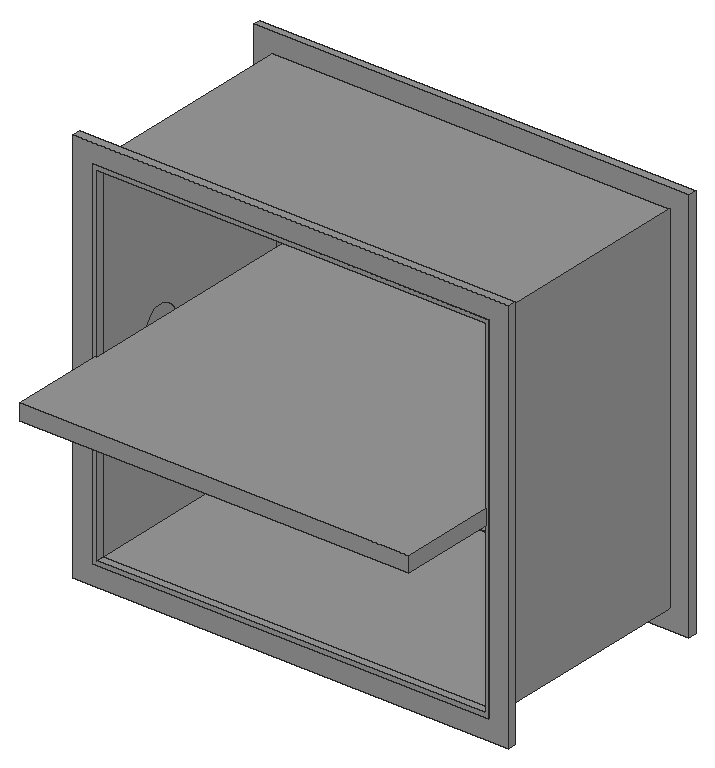
Revit family "Канальный прямоугольный SVK1-НО-ЕI60-MS220 28.08.25", category Арматура воздуховодов, Revit 2022 (continued)
Types (140, lengths in mm): name | Ширина | Число створок | Скорость воздуха в живом сечении | Скорость в канале | Площадь живого сечения | КМС | З/2 | Высота | Hed | ADSK_Расход воздуха | ADSK_Потеря давления воздуха | ADSK_Наименование краткое | ADSK_Наименование
  SVK1-НО-ЕI60-C-900x350-GO-H-MSR220-0-0 | 900 | 1 | 4.05754 m/s | 3.0 m/s | 0.2329 m² | 0.530 | 175 | 350 | 1023 | 3402.0 m³/h | 2.862 Pa | "SVK1-НО-ЕI60-C-900x350" | "SVK1-НО-ЕI60-C-900x350-GO-H-MSR220-0-0"
  SVK1-НО-ЕI60-C-900x400-GO-H-MSR220-0-0 | 900 | 1 | 3.90879 m/s | 3.0 m/s | 0.2763 m² | 0.480 | 200 | 400 | 1023 | 3888.0 m³/h | 2.592 Pa | "SVK1-НО-ЕI60-C-900x400" | "SVK1-НО-ЕI60-C-900x400-GO-H-MSR220-0-0"
  SVK1-НО-ЕI60-C-900x450-GO-H-MSR220-0-0 | 900 | 1 | 3.80044 m/s | 3.0 m/s | 0.3197 m² | 0.450 | 225 | 450 | 1023 | 4374.0 m³/h | 2.43 Pa | "SVK1-НО-ЕI60-C-900x450" | "SVK1-НО-ЕI60-C-900x450-GO-H-MSR220-0-0"
  SVK1-НО-ЕI60-C-900x500-GO-H-MSR220-0-0 | 900 | 1 | 3.71798 m/s | 3.0 m/s | 0.3631 m² | 0.420 | 250 | 500 | 1023 | 4860.0 m³/h | 2.268 Pa | "SVK1-НО-ЕI60-C-900x500" | "SVK1-НО-ЕI60-C-900x500-GO-H-MSR220-0-0"
  SVK1-НО-ЕI60-C-900x550-GO-H-MSR220-0-0 | 900 | 1 | 3.65314 m/s | 3.0 m/s | 0.4065 m² | 0.310 | 275 | 550 | 1023 | 5346.0 m³/h | 1.674 Pa | "SVK1-НО-ЕI60-C-900x550" | "SVK1-НО-ЕI60-C-900x550-GO-H-MSR220-0-0"
  SVK1-НО-ЕI60-C-900x600-GO-H-MSR220-0-0 | 900 | 1 | 3.6008 m/s | 3.0 m/s | 0.4499 m² | 0.300 | 300 | 600 | 1023 | 5832.0 m³/h | 1.62 Pa | "SVK1-НО-ЕI60-C-900x600" | "SVK1-НО-ЕI60-C-900x600-GO-H-MSR220-0-0"
  SVK1-НО-ЕI60-C-900x650-GO-H-MSR220-0-0 | 900 | 1 | 3.55767 m/s | 3.0 m/s | 0.4933 m² | 0.440 | 325 | 650 | 1023 | 6318.0 m³/h | 2.376 Pa | "SVK1-НО-ЕI60-C-900x650" | "SVK1-НО-ЕI60-C-900x650-GO-H-MSR220-0-0"
  SVK1-НО-ЕI60-C-900x700-GO-H-MSR220-0-0 | 900 | 1 | 3.88569 m/s | 3.0 m/s | 0.4864 m² | 0.300 | 350 | 700 | 1023 | 6804.0 m³/h | 1.62 Pa | "SVK1-НО-ЕI60-C-900x700" | "SVK1-НО-ЕI60-C-900x700-GO-H-MSR220-0-0"
  SVK1-НО-ЕI60-C-900x750-GO-H-MSR220-0-0 | 900 | 1 | 3.87857 m/s | 3.0 m/s | 0.5221 m² | 0.230 | 375 | 750 | 1023 | 7290.0 m³/h | 1.242 Pa | "SVK1-НО-ЕI60-C-900x750" | "SVK1-НО-ЕI60-C-900x750-GO-H-MSR220-0-0"
  SVK1-НО-ЕI60-C-800x900-GO-H-MSR220-0-0 | 800 | 2 | 3.85921 m/s | 3.0 m/s | 0.5597 m² | 0.360 | 225 | 900 | 923 | 7776.0 m³/h | 1.944 Pa | "SVK1-НО-ЕI60-C-800x900" | "SVK1-НО-ЕI60-C-800x900-GO-H-MSR220-0-0"
  SVK1-НО-ЕI60-C-850x900-GO-H-MSR220-0-0 | 850 | 2 | 3.84873 m/s | 3.0 m/s | 0.5963 m² | 0.240 | 225 | 900 | 973 | 8262.0 m³/h | 1.296 Pa | "SVK1-НО-ЕI60-C-850x900" | "SVK1-НО-ЕI60-C-850x900-GO-H-MSR220-0-0"
  SVK1-НО-ЕI60-C-900x900-GO-H-MSR220-0-0 | 900 | 2 | 3.83886 m/s | 3.0 m/s | 0.633 m² | 0.380 | 225 | 900 | 1023 | 8748.0 m³/h | 2.052 Pa | "SVK1-НО-ЕI60-C-900x900" | "SVK1-НО-ЕI60-C-900x900-GO-H-MSR220-0-0"
  SVK1-НО-ЕI60-C-1000x350-GO-H-MSR220-0-0 | 1000 | 1 | 4.04002 m/s | 3.0 m/s | 0.2599 m² | 0.660 | 175 | 350 | 1123 | 3780.0 m³/h | 3.564 Pa | "SVK1-НО-ЕI60-C-1000x350" | "SVK1-НО-ЕI60-C-1000x350-GO-H-MSR220-0-0"
  SVK1-НО-ЕI60-C-1000x400-GO-H-MSR220-0-0 | 1000 | 1 | 3.89231 m/s | 3.0 m/s | 0.3083 m² | 0.460 | 200 | 400 | 1123 | 4320.0 m³/h | 2.484 Pa | "SVK1-НО-ЕI60-C-1000x400" | "SVK1-НО-ЕI60-C-1000x400-GO-H-MSR220-0-0"
  SVK1-НО-ЕI60-C-1000x450-GO-H-MSR220-0-0 | 1000 | 1 | 3.79001 m/s | 3.0 m/s | 0.3562 m² | 0.390 | 225 | 450 | 1123 | 4860.0 m³/h | 2.106 Pa | "SVK1-НО-ЕI60-C-1000x450" | "SVK1-НО-ЕI60-C-1000x450-GO-H-MSR220-0-0"
  SVK1-НО-ЕI60-C-1000x500-GO-H-MSR220-0-0 | 1000 | 1 | 3.70279 m/s | 3.0 m/s | 0.4051 m² | 0.440 | 250 | 500 | 1123 | 5400.0 m³/h | 2.376 Pa | "SVK1-НО-ЕI60-C-1000x500" | "SVK1-НО-ЕI60-C-1000x500-GO-H-MSR220-0-0"
  SVK1-НО-ЕI60-C-1000x550-GO-H-MSR220-0-0 | 1000 | 1 | 3.63837 m/s | 3.0 m/s | 0.4535 m² | 0.450 | 275 | 550 | 1123 | 5940.0 m³/h | 2.43 Pa | "SVK1-НО-ЕI60-C-1000x550" | "SVK1-НО-ЕI60-C-1000x550-GO-H-MSR220-0-0"
  SVK1-НО-ЕI60-C-1000x600-GO-H-MSR220-0-0 | 1000 | 1 | 3.58637 m/s | 3.0 m/s | 0.5019 m² | 0.270 | 300 | 600 | 1123 | 6480.0 m³/h | 1.458 Pa | "SVK1-НО-ЕI60-C-1000x600" | "SVK1-НО-ЕI60-C-1000x600-GO-H-MSR220-0-0"
  SVK1-НО-ЕI60-C-1000x650-GO-H-MSR220-0-0 | 1000 | 1 | 3.81232 m/s | 3.0 m/s | 0.5115 m² | 0.440 | 325 | 650 | 1123 | 7020.0 m³/h | 2.376 Pa | "SVK1-НО-ЕI60-C-1000x650" | "SVK1-НО-ЕI60-C-1000x650-GO-H-MSR220-0-0"
  SVK1-НО-ЕI60-C-1000x700-GO-H-MSR220-0-0 | 1000 | 1 | 3.7961 m/s | 3.0 m/s | 0.5532 m² | 0.400 | 350 | 700 | 1123 | 7560.0 m³/h | 2.16 Pa | "SVK1-НО-ЕI60-C-1000x700" | "SVK1-НО-ЕI60-C-1000x700-GO-H-MSR220-0-0"
  SVK1-НО-ЕI60-C-1000x750-GO-H-MSR220-0-0 | 1000 | 1 | 3.78278 m/s | 3.0 m/s | 0.5948 m² | 0.290 | 375 | 750 | 1123 | 8100.0 m³/h | 1.566 Pa | "SVK1-НО-ЕI60-C-1000x750" | "SVK1-НО-ЕI60-C-1000x750-GO-H-MSR220-0-0"
  SVK1-НО-ЕI60-C-800x1000-GO-H-MSR220-0-0 | 800 | 2 | 3.77062 m/s | 3.0 m/s | 0.6365 m² | 0.240 | 250 | 1000 | 923 | 8640.0 m³/h | 1.296 Pa | "SVK1-НО-ЕI60-C-800x1000" | "SVK1-НО-ЕI60-C-800x1000-GO-H-MSR220-0-0"
  SVK1-НО-ЕI60-C-850x1000-GO-H-MSR220-0-0 | 850 | 2 | 3.76051 m/s | 3.0 m/s | 0.6781 m² | 0.190 | 250 | 1000 | 973 | 9180.0 m³/h | 1.026 Pa | "SVK1-НО-ЕI60-C-850x1000" | "SVK1-НО-ЕI60-C-850x1000-GO-H-MSR220-0-0"
  SVK1-НО-ЕI60-C-900x1000-GO-H-MSR220-0-0 | 900 | 2 | 3.75104 m/s | 3.0 m/s | 0.7198 m² | 0.230 | 250 | 1000 | 1023 | 9720.0 m³/h | 1.242 Pa | "SVK1-НО-ЕI60-C-900x1000" | "SVK1-НО-ЕI60-C-900x1000-GO-H-MSR220-0-0"
  SVK1-НО-ЕI60-C-950x1000-GO-H-MSR220-0-0 | 950 | 2 | 3.7431 m/s | 3.0 m/s | 0.7614 m² | 0.320 | 250 | 1000 | 1073 | 10260.0 m³/h | 1.728 Pa | "SVK1-НО-ЕI60-C-950x1000" | "SVK1-НО-ЕI60-C-950x1000-GO-H-MSR220-0-0"
  SVK1-НО-ЕI60-C-1000x1000-GO-H-MSR220-0-0 | 1000 | 2 | 3.73552 m/s | 3.0 m/s | 0.8031 m² | 0.280 | 250 | 1000 | 1123 | 10800.0 m³/h | 1.512 Pa | "SVK1-НО-ЕI60-C-1000x1000" | "SVK1-НО-ЕI60-C-1000x1000-GO-H-MSR220-0-0"
  SVK1-НО-ЕI60-C-1000x300-GO-H-MSR220-0-0 | 1000 | 1 | 4.71486 m/s | 3.5 m/s | 0.2227 m² | 0.630 | 150 | 300 | 1123 | 3780.0 m³/h | 4.6305 Pa | "SVK1-НО-ЕI60-C-1000x300" | "SVK1-НО-ЕI60-C-1000x300-GO-H-MSR220-0-0"
